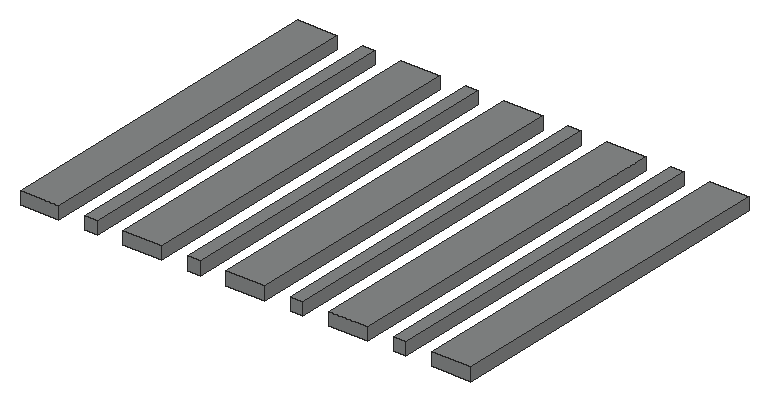
Revit family "Folded Baffles 003", category Generic Models, Revit 2021
Family settings
  Can host rebar = No
  Round Connector Dimension = Use Diameter
  Part Type = Normal
  Work Plane-Based = No
  Always vertical = Yes
  Cut with Voids When Loaded = No
  Shared = No
  Room Calculation Point = No
Parameters
  URL = "https://www.csiposhfelt.com/products/folded-baffles-003"
  Manufacturer = "CSI PoshFelt"
  Length = 9' - 0"
  Default Elevation = 0' - 0"
  Core Material = PSH175
Reference planes (in)
  plane 1 "Center (Front/Back)": y = 0
  plane 2: z = 0
  plane 3 "Center (Left/Right)": x = 0
Forms (in)
  Extrusion 1, solid, material "PSH175" <- "Core Material"
    sketch origin (0, 0, 0) x (1, 0, 0) y (0, 1, 0)
      loop
        line (-6, 54) -> (-6, -54) -> (6, -54) -> (6, 54) -> (-6, 54)
      loop
        line (-14, -54) -> (-14, 54) -> (-18, 54) -> (-18, -54) -> (-14, -54)
      loop
        line (-38, 54) -> (-38, -54) -> (-26, -54) -> (-26, 54) -> (-38, 54)
      loop
        line (-46, -54) -> (-46, 54) -> (-50, 54) -> (-50, -54) -> (-46, -54)
      loop
        line (-70, 54) -> (-70, -54) -> (-58, -54) -> (-58, 54) -> (-70, 54)
      loop
        line (14, -54) -> (18, -54) -> (18, 54) -> (14, 54) -> (14, -54)
      loop
        line (38, 54) -> (26, 54) -> (26, -54) -> (38, -54) -> (38, 54)
      loop
        line (46, -54) -> (50, -54) -> (50, 54) -> (46, 54) -> (46, -54)
      loop
        line (70, 54) -> (58, 54) -> (58, -54) -> (70, -54) -> (70, 54)
    from 0 to 4
Lines and regions (in)
  reference lines
    curve 1: line (-70, 54, 0) -> (83, 54, 0)
    curve 2: line (-70, -54, 0) -> (83, -54, 0)
Dimensions and locks (in)
  "Length": curve 2 to curve 1
  aligned and locked: plane 2 to level
  aligned and locked: curve 2 to Extrusion 1 sketch curve  (x4)
  aligned and locked: Extrusion 1 sketch curve to curve 2  (x5)
  aligned and locked: Extrusion 1 sketch curve to curve 1  (x5)
  aligned and locked: curve 1 to Extrusion 1 sketch curve  (x4)
Automatic sketch dimensions
  Extrusion 1 sketch curve to plane 3 "Center (Left/Right)" = 5' - 10"
  Extrusion 1 sketch curve to Extrusion 1 sketch curve = 1' - 0"  (x4)
  Extrusion 1 sketch curve to Extrusion 1 sketch curve = 0' - 8"  (x7)
  Extrusion 1 sketch curve to Extrusion 1 sketch curve = 0' - 4"  (x4)
  Extrusion 1 sketch curve to plane 3 "Center (Left/Right)" = 0' - 6"
  plane 3 "Center (Left/Right)" to Extrusion 1 sketch curve = 0' - 6"
  curve 2 to plane 3 "Center (Left/Right)" = 5' - 10"
  plane 1 "Center (Front/Back)" to curve 2 = 4' - 6"
  curve 1 to plane 3 "Center (Left/Right)" = 5' - 10"
  plane 3 "Center (Left/Right)" to curve 2 = 6' - 11"
  plane 3 "Center (Left/Right)" to curve 1 = 6' - 11"
